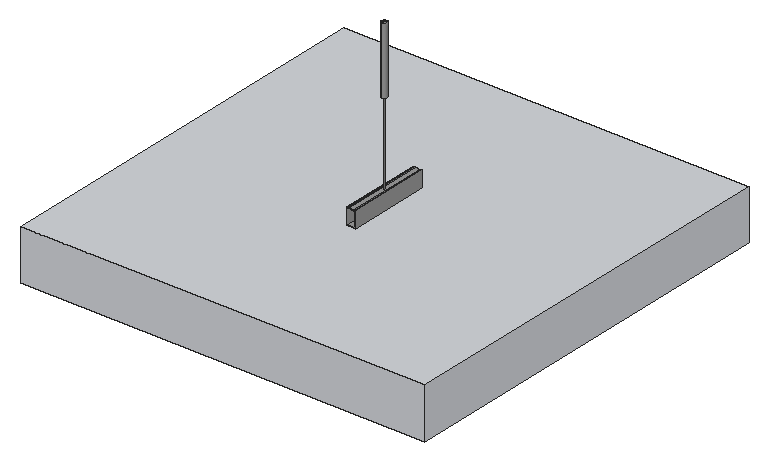
Revit family "LAMP_OCULT SYSTEM PENDULAR (DALI)", category Luminarias, Revit 2015
Parameters (values of type "331LM 3000 FLOOD BLACK")
  Weight = 0.826 kg
  UGR = ""
  Type = "HIGH POWER CREE"
  Suspension mod. luz [instance] = if(Suspension height < 100 mm, 520 mm, if(Suspension height > 2000 mm, 2420 mm, Suspension height + 420 mm))  # 920 mm
  Suspension height [instance] = 500 mm
  Surface profile [instance] = not(Recessed profile)  # yes
  Recessed profile [instance] = no
  Protection rating = "IP20"
  Product datasheet = "http://www.lamp.es/product-files/TECH/OS1PV05FL830DBB-EN.pdf"
  Product code = "OS1PV05FL830DBB"
  Product URL = "https://www.lamp.es/en/family/ocult-system_367581"
  Power Supply = "220-240V 50/60Hz"
  Power = 4 W
  Plum = 6 W
  Photometric web file = Modelo pendular : 331LM 3000 FLOOD BLACK
  Modelo = Product code  # "OS1PV05FL830DBB"
  Model explanation = "Availability of changing profile version and height when placed in project."
  Material suspension = Panel de metal
  Material perfil = LAMP_Aluminio Ocult Pendular NG
  Manufacturer name = "LAMP"
  Manufacturer country = "Spain"
  Manufacturer URL = "http://www.lamp.es/en"
  MacAdam = "3"
  Luminaire type = "Pendular downlight"
  Last update = "31/07/2019"
  Lamp = "HIGH POWER LED"
  LED Lifetime = "50.000 L90"
  Insulation class = "I"
  Installation instructions = "https://www.lamp.es/product-files/INS/1004460-B%20INSTR.OCULT%20SYSTEM%20PENDULAR.pdf"
  Initial intensity = 331 lm
  Initial color = 3000 K
  IEE = "A+"
  Height = 400 mm
  Gear = "Adjustable DALI"
  Finish = "Texturised black RAL 9011"
  Fabricante = Manufacturer name  # "LAMP"
  Default Elevation = 1219.2 mm
  Profile suspension height [instance] = 1 mm
  Efficacy = 55.2 lm/W
  Diameter = 35 mm
  Descripción = "OCULT SYS. PEND.VERT. 500 WW FL DA BK/BK"
  Comentarios de tipo = Model explanation  # "Availability of changing profile version and height when placed in project."
  CRI = "80"
  Altura módulo luz [instance] = if(Surface profile, Profile suspension height + 94.5 mm, 0 mm)  # 95.5 mm
Types (8, lengths in mm): name | Product datasheet | Product code | Photometric web file | Modelo | Material perfil | Initial intensity | Initial color | Finish | Efficacy | Descripción
  331LM 3000 FLOOD BLACK | "http://www.lamp.es/product-files/TECH/OS1PV05FL830DBB-EN.pdf" | "OS1PV05FL830DBB" | Modelo pendular : 331LM 3000 FLOOD BLACK | "OS1PV05FL830DBB" | LAMP_Aluminio Ocult Pendular NG | 331 lm | 3000 K | "Texturised black RAL 9011" | 55.2 lm/W | "OCULT SYS. PEND.VERT. 500 WW FL DA BK/BK"
  331LM 3000 FLOOD WHITE | "http://www.lamp.es/product-files/TECH/OS1PV05FL830DBW-EN.pdf" | "OS1PV05FL830DBW" | Modelo pendular : 331LM 3000 FLOOD WHITE | "OS1PV05FL830DBW" | LAMP_Aluminio Ocult Pendular BL | 331 lm | 3000 K | "Texturised matt white" | 55.2 lm/W | "OCULT SYS. PEND.VERT. 500 WW FL DA BK/WH"
  349LM 4000 FLOOD BLACK | "http://www.lamp.es/product-files/TECH/OS1PV05FL840DBB-EN.pdf" | "OS1PV05FL840DBB" | Modelo pendular : 349LM 4000 FLOOD BLACK | "OS1PV05FL840DBB" | LAMP_Aluminio Ocult Pendular NG | 349 lm | 4000 K | "Texturised black RAL 9011" | 58.2 lm/W | "OCULT SYS. PEND.VERT. 500 NW FL DA BK/BK"
  349LM 4000 FLOOD WHITE | "http://www.lamp.es/product-files/TECH/OS1PV05FL840DBW-EN.pdf" | "OS1PV05FL840DBW" | Modelo pendular : 349LM 4000 FLOOD WHITE | "OS1PV05FL840DBW" | LAMP_Aluminio Ocult Pendular BL | 349 lm | 4000 K | "Texturised matt white" | 58.2 lm/W | "OCULT SYS. PEND.VERT. 500 NW FL DA BK/WH"
  414LM 3000 SPOT BLACK | "http://www.lamp.es/product-files/TECH/OS1PV05SP830DBB-EN.pdf" | "OS1PV05SP830DBB" | Modelo pendular : 414LM 3000 SPOT BLACK | "OS1PV05SP830DBB" | LAMP_Aluminio Ocult Pendular NG | 414 lm | 3000 K | "Texturised black RAL 9011" | 69 lm/W | "OCULT SYS. PEND.VERT. 500 WW SP DA BK/BK"
  414LM 3000 SPOT WHITE | "http://www.lamp.es/product-files/TECH/OS1PV05SP830DBW-EN.pdf" | "OS1PV05SP830DBW" | Modelo pendular : 414LM 3000 SPOT WHITE | "OS1PV05SP830DBW" | LAMP_Aluminio Ocult Pendular BL | 414 lm | 3000 K | "Texturised matt white" | 69 lm/W | "OCULT SYS. PEND.VERT. 500 WW SP DA BK/WH"
  443LM 4000 SPOT BLACK | "http://www.lamp.es/product-files/TECH/OS1PV05SP840DBB-EN.pdf" | "OS1PV05SP840DBB" | Modelo pendular : 443LM 4000 SPOT BLACK | "OS1PV05SP840DBB" | LAMP_Aluminio Ocult Pendular NG | 443 lm | 4000 K | "Texturised black RAL 9011" | 73.9 lm/W | "OCULT SYS. PEND.VERT. 500 NW SP DA BK/BK"
  443LM 4000 SPOT WHITE | "http://www.lamp.es/product-files/TECH/OS1PV05SP840DBW-EN.pdf" | "OS1PV05SP840DBW" | Modelo pendular : 443LM 4000 SPOT WHITE | "OS1PV05SP840DBW" | LAMP_Aluminio Ocult Pendular BL | 443 lm | 4000 K | "Texturised matt white" | 73.9 lm/W | "OCULT SYS. PEND.VERT. 500 NW SP DA BK/WH"
Reference planes
  plane 1 "Centro (Frontal/Posterior)": y = 0
  plane 2: z = 0
  plane 3 "Centro (Izquierda/Derecha)": x = 0
  plane 4: z = 1
Forms (mm)
  Extrusion 1, solid
    sketch origin (0, 0, 0) x (1, 0, 0) y (0, 1, 0)
      loop
        line (-1219.2, 1219.2) -> (-1219.2, -1219.2) -> (1219.2, -1219.2) -> (1219.2, 1219.2) -> (-1219.2, 1219.2)
    from 0 to -304.8
  Extrusion 2, solid, material "LAMP_Aluminio Ocult Pendular NG" <- "Material perfil", visible <- "Recessed profile"
    sketch origin (0, 0, 0) x (1, 0, 0) y (0, 0, 1)
      loop
        line (-32, 0) -> (-26.5, 0) -> (-26.5, -94.3) -> (0, -94.3) -> (26.5, -94.3) -> (26.5, 0) -> (32, 0) -> (32, 1.7) -> (17, 1.7) -> (17, 0) -> (24.8, 0) -> (24.8, -92.6) -> (0, -92.6) -> (-24.8, -92.6) -> (-24.8, 0) -> (-16.9, 0) -> (-16.9, 1.7) -> (-32, 1.7) -> (-32, 0)
    from -250 to 250
  Extrusion 3, solid, material "LAMP_Aluminio Ocult Pendular NG" <- "Material perfil", visible <- "Surface profile"
    sketch origin (0, 0, 0) x (1, 0, 0) y (0, 0, 1)
      loop
        line (-26.5, 1) -> (26.5, 1) -> (26.5, 97) -> (17, 97) -> (17, 95.3) -> (24.8, 95.3) -> (24.8, 2.7) -> (-24.8, 2.7) -> (-24.8, 95.3) -> (-16.9, 95.3) -> (-16.9, 97) -> (-26.5, 97) -> (-26.5, 1)
    from -250 to 250
  Revolve 4, solid, material "Panel de metal" <- "Material suspension", visible <- "Surface profile"
    sketch origin (0, 0, 0) x (1, 0, 0) y (0, 0, 1)
      loop
        line (0, 1) -> (0, 0) -> (2.5, 0) -> (2.5, 1) -> (0, 1)
      axis (0, 1) -> (0, 0)
    angle from 0 to 360
Text (mm)
  text "Any modification of the parameters and properties of the LAMP BIM models must be executed and validated by the LAMP technical department.\n\nPhone: +34 93 736 68 00\n\nE-mail: lamp@lamp.es\n\n\n\nLAMP reserves the right to modify the technical specifications of its products." at (13412.226, -16933.167, -15401.008), in view "Preview"
Dimensions and locks
  "Profile suspension height": plane 4 to Extrusion 1
  "Altura módulo luz": nested 1 to Extrusion 1
  aligned and locked: plane 2 to Extrusion 1
  aligned and locked: level to Extrusion 1
  aligned and locked: Extrusion 1 to Revolve 4 sketch curve
  aligned and locked: plane 4 to Revolve 4
  aligned and locked: Extrusion 3 sketch curve to plane 4
Automatic sketch dimensions
  Extrusion 1 sketch curve to Extrusion 1 sketch curve = 2438.4 mm  (x2)
  Revolve 4 sketch curve to plane 3 "Centro (Izquierda/Derecha)" = 0 mm  (x2)
  Revolve 4 sketch curve to plane 4 = 0 mm
  plane 3 "Centro (Izquierda/Derecha)" to Revolve 4 sketch curve = 2.5 mm
  Revolve 4 sketch curve to level = 609.6 mm
  Revolve 4 sketch curve to Revolve 4 sketch curve = 2555.127 mm
  Extrusion 3 sketch curve to plane 3 "Centro (Izquierda/Derecha)" = 26.5 mm
  Extrusion 3 sketch curve to Extrusion 3 sketch curve = 1.7 mm  (x4)
  Extrusion 3 sketch curve to Extrusion 3 sketch curve = 7.9 mm
  plane 3 "Centro (Izquierda/Derecha)" to Extrusion 3 sketch curve = 17 mm
  Extrusion 3 sketch curve to Extrusion 3 sketch curve = 7.8 mm
  plane 4 to Extrusion 3 sketch curve = 1.7 mm
  Extrusion 3 sketch curve to Extrusion 3 sketch curve = 92.6 mm
  Extrusion 3 sketch curve to Extrusion 3 sketch curve = 0 mm
  Extrusion 2 sketch curve to level = 0 mm  (x4)
  Extrusion 2 sketch curve to plane 3 "Centro (Izquierda/Derecha)" = 0 mm  (x2)
  Extrusion 2 sketch curve to plane 3 "Centro (Izquierda/Derecha)" = 16.9 mm
  Extrusion 2 sketch curve to Extrusion 2 sketch curve = 7.9 mm
  Extrusion 2 sketch curve to Extrusion 2 sketch curve = 1.7 mm  (x3)
  Extrusion 2 sketch curve to Extrusion 2 sketch curve = 5.5 mm  (x2)
  plane 3 "Centro (Izquierda/Derecha)" to Extrusion 2 sketch curve = 24.8 mm
  level to Extrusion 2 sketch curve = 1.7 mm  (x2)
  Extrusion 2 sketch curve to level = 92.6 mm
  Extrusion 2 sketch curve to Extrusion 2 sketch curve = 7.8 mm
Nested families
  nested 1: "Modelo pendular" at (0, 0, 2517) x (0, -1, 0) z (0, 0, -1), Distancia suspensión <- "Suspension mod. luz", type <- "Photometric web file", type "331LM 3000 FLOOD BLACK"
    with Distancia suspensión 920 mm
Connectors
  electrical at (0, 0, 1)
    settings: on Extrusion 3, index 1, voltage 230 V, apparent load 0 VA, apparent load phase1 0 VA, apparent load phase2 0 VA, apparent load phase3 0 VA, power factor 1, load classification "Otro", number of poles 1, system type 31, power factor state 1, is connector primary yes, connector utility no, sub classification motor no, connector description ""
Definition of nested family "Modelo pendular"
  Parameters (values of type "331LM 3000 FLOOD BLACK")
    Tilt Angle = 90.00°
    Wattage = 6 W
    built-in parameter 1150110 = 1 (stored number, unit not read)
    Material suspension = none
    Material cuerpo = none
    Material cristal = none
    Material COB = none
    built-in parameter 1114217 = 1 (stored number, unit not read)
    built-in parameter 1150109 = 1 (stored number, unit not read)
    Default Elevation = 1219.2 mm
    Distancia suspensión [instance] = 700 mm
    built-in parameter 1150134 = (empty or 0)
    built-in parameter 1150113 = 1 (stored number, unit not read)
    Lumens = 331.2 lm
    built-in parameter 1150115 = 1 (stored number, unit not read)
    built-in parameter 1150105 = 676.65 (stored number, unit not read)
    built-in parameter 1150137 = (empty or 0)
    built-in parameter 1150139 = (empty or 0)
    built-in parameter 1150112 = 1 (stored number, unit not read)
    built-in parameter 1150114 = 1 (stored number, unit not read)
    built-in parameter 1150132 = 2
    built-in parameter 1150102 = (empty or 0)
    built-in parameter 1150138 = (empty or 0)
    built-in parameter 1150107 = 3000 (stored number, unit not read)
    built-in parameter 1150106 = 6.7665 (stored number, unit not read)
    built-in parameter 1150104 = 5.1282 (stored number, unit not read)
    Dimming Lamp Color Temperature Shift = (empty or 0)
    Color Filter = 16777215
    built-in parameter 1114218 = 1 (stored number, unit not read)
    Photometric Web File = "OS1PV05FL830NBB.IES"
    built-in parameter 1150133 = 10 (stored number, unit not read)
  Types (9, lengths in mm): name | built-in parameter 1150134 | Lumens | built-in parameter 1150105 | built-in parameter 1150107 | built-in parameter 1150106 | built-in parameter 1150104 | Photometric Web File
    (no name) | (empty or 0) | 331.2 lm | 676.65 (stored number, unit not read) | 3000 (stored number, unit not read) | 6.7665 (stored number, unit not read) | 5.1282 (stored number, unit not read) | "OS1PV05FL830NBB.IES"
    331LM 3000 FLOOD BLACK | (empty or 0) | 331.2 lm | 676.65 (stored number, unit not read) | 3000 (stored number, unit not read) | 6.7665 (stored number, unit not read) | 5.1282 (stored number, unit not read) | "OS1PV05FL830NBB.IES"
    331LM 3000 FLOOD WHITE | (empty or 0) | 331.2 lm | 676.65 (stored number, unit not read) | 3000 (stored number, unit not read) | 6.7665 (stored number, unit not read) | 5.1282 (stored number, unit not read) | "OS1PV05FL830NBW.IES"
    349LM 4000 FLOOD BLACK | 12 | 349.2 lm | 713.42 (stored number, unit not read) | 4000 (stored number, unit not read) | 7.1342 (stored number, unit not read) | 5.407 (stored number, unit not read) | "OS1PV05FL840NBB.IES"
    349LM 4000 FLOOD WHITE | 12 | 349.2 lm | 713.42 (stored number, unit not read) | 4000 (stored number, unit not read) | 7.1342 (stored number, unit not read) | 5.407 (stored number, unit not read) | "OS1PV05FL840NBW.IES"
    414LM 3000 SPOT BLACK | (empty or 0) | 414 lm | 845.82 (stored number, unit not read) | 3000 (stored number, unit not read) | 8.4582 (stored number, unit not read) | 6.4103 (stored number, unit not read) | "OS1PV05SP830NBB.IES"
    414LM 3000 SPOT WHITE | (empty or 0) | 414 lm | 845.82 (stored number, unit not read) | 3000 (stored number, unit not read) | 8.4582 (stored number, unit not read) | 6.4103 (stored number, unit not read) | "OS1PV05SP830NBW.IES"
    443LM 4000 SPOT BLACK | 12 | 443.4 lm | 3288.2 (stored number, unit not read) | 4000 (stored number, unit not read) | 32.882 (stored number, unit not read) | 6.8655 (stored number, unit not read) | "OS1PV05SP840NBB.IES"
    443LM 4000 SPOT WHITE | 12 | 443.4 lm | 3288.2 (stored number, unit not read) | 4000 (stored number, unit not read) | 32.882 (stored number, unit not read) | 6.8655 (stored number, unit not read) | "OS1PV05SP840NBW.IES"
  Reference planes
    plane 1 "Eje de origen de luz (F/P)": y = 0
    plane 2: z = 0
    plane 3 "Eje de origen de luz (I/D)": x = 0
    plane 4 "Elevación de origen de luz": z = 1500
    plane 5: z = 2200
  Forms (mm)
    Revolve 1, solid, material <- "Material cuerpo"
      sketch origin (0, 0, 0) x (1, 0, 0) y (0, 0, 1)
        loop
          line (14.8, 1520) -> (17.5, 1520) -> (17.5, 1920) -> (0, 1920) -> (0, 1535.9) -> (10, 1535.9) -> (10.8, 1523.7) -> (11.85, 1523.7) -> (11.85, 1525) -> (12.95, 1525) -> (14.8, 1520)
        axis (0, 1920) -> (0, 1520)
      angle from 0 to 360
    Revolve 2, void
      sketch origin (0, 0, 0) x (1, 0, 0) y (0, 0, 1)
        loop
          line (0, 1535.9) -> (10, 1535.9) -> (10, 1538.9) -> (0, 1538.9) -> (0, 1535.9)
        axis (0, 1538.9) -> (0, 1535.9)
      angle from 0 to 360
    Revolve 3, solid, material <- "Material cristal"
      sketch origin (0, 0, 0) x (1, 0, 0) y (0, 0, 1)
        loop
          line (0, 1535.9) -> (10, 1535.9) -> (10, 1536.9) -> (0, 1536.9) -> (0, 1535.9)
        axis (0, 1536.9) -> (0, 1535.9)
      angle from 0 to 360
    Revolve 4, solid, material <- "Material COB"
      sketch origin (0, 0, 0) x (1, 0, 0) y (0, 0, 1)
        loop
          line (0, 1536.9) -> (5, 1536.9) -> (5, 1537.9) -> (0, 1537.9) -> (0, 1536.9)
        axis (0, 1537.9) -> (0, 1536.9)
      angle from 0 to 360
    Revolve 5, solid, material <- "Material suspension"
      sketch origin (0, 0, 0) x (1, 0, 0) y (0, 0, 1)
        loop
          line (0, 1920) -> (2.5, 1920) -> (2.5, 2200) -> (0, 2200) -> (0, 1920)
        axis (0, 2200) -> (0, 1920)
      angle from 0 to 360
    Extrusion 6, solid, material <- "Material cuerpo"
      sketch origin (0, 0, 165) x (1, 0, 0) y (0, 0, 1)
        loop
          line (250, 2035) -> (250, 2036.5) -> (-250, 2036.5) -> (-250, 2035) -> (250, 2035)
      from -16.9 to 17
  Cuts and joins
    Revolve 2 cuts Revolve 1
  Dimensions and locks
    locked: Revolve 1 sketch curve to Revolve 1 sketch curve at 400
    "Distancia suspensión": plane 5 to plane 4 "Elevación de origen de luz"
    aligned and locked: plane 3 "Eje de origen de luz (I/D)" to imposter light
    aligned and locked: plane 1 "Eje de origen de luz (F/P)" to imposter light
    aligned and locked: plane 4 "Elevación de origen de luz" to imposter light
    aligned and locked: level to plane 2
    aligned and locked: Revolve 3 to Revolve 3
    aligned and locked: Revolve 3 to Revolve 4
    aligned and locked: cut or joined group of Revolve 1, Revolve 2 to Revolve 5
    aligned and locked: plane 5 to Revolve 5
    aligned and locked: Extrusion 6 sketch curve to plane 5
  Automatic sketch dimensions
    Revolve 1 sketch curve to plane 3 "Eje de origen de luz (I/D)" = 0 mm  (x2)
    plane 3 "Eje de origen de luz (I/D)" to Revolve 1 sketch curve = 10 mm
    plane 3 "Eje de origen de luz (I/D)" to Revolve 1 sketch curve = 10.8 mm
    Revolve 1 sketch curve to Revolve 1 sketch curve = 1.05 mm
    Revolve 1 sketch curve to Revolve 1 sketch curve = 1.1 mm
    Revolve 1 sketch curve to Revolve 1 sketch curve = 2.95 mm
    Revolve 1 sketch curve to Revolve 1 sketch curve = 2.7 mm
    Revolve 1 sketch curve to plane 4 "Elevación de origen de luz" = 20 mm
    Revolve 1 sketch curve to Revolve 1 sketch curve = 3.7 mm
    Revolve 1 sketch curve to Revolve 1 sketch curve = 1.3 mm
    Revolve 1 sketch curve to Revolve 1 sketch curve = 10.9 mm
    Revolve 1 sketch curve to level = 271.696 mm
    Revolve 1 sketch curve to Revolve 1 sketch curve = 166.726 mm
    Revolve 2 sketch curve to plane 3 "Eje de origen de luz (I/D)" = 0 mm  (x2)
    plane 3 "Eje de origen de luz (I/D)" to Revolve 2 sketch curve = 10 mm
    Revolve 2 sketch curve to plane 4 "Elevación de origen de luz" = 35.9 mm
    Revolve 2 sketch curve to Revolve 2 sketch curve = 3 mm
    Revolve 2 sketch curve to level = 271.696 mm
    Revolve 2 sketch curve to Revolve 2 sketch curve = 163.726 mm
    Revolve 3 sketch curve to plane 3 "Eje de origen de luz (I/D)" = 0 mm  (x2)
    plane 3 "Eje de origen de luz (I/D)" to Revolve 3 sketch curve = 10 mm
    Revolve 3 sketch curve to plane 4 "Elevación de origen de luz" = 35.9 mm
    Revolve 3 sketch curve to Revolve 3 sketch curve = 1 mm
    Revolve 3 sketch curve to level = 271.696 mm
    Revolve 3 sketch curve to Revolve 3 sketch curve = 165.726 mm
    Revolve 4 sketch curve to plane 3 "Eje de origen de luz (I/D)" = 0 mm  (x2)
    plane 3 "Eje de origen de luz (I/D)" to Revolve 4 sketch curve = 5 mm
    Revolve 4 sketch curve to plane 4 "Elevación de origen de luz" = 36.9 mm
    Revolve 4 sketch curve to Revolve 4 sketch curve = 1 mm
    Revolve 4 sketch curve to level = 271.696 mm
    Revolve 4 sketch curve to Revolve 4 sketch curve = 164.726 mm
    Revolve 5 sketch curve to plane 3 "Eje de origen de luz (I/D)" = 0 mm  (x2)
    Revolve 5 sketch curve to plane 5 = 0 mm
    plane 3 "Eje de origen de luz (I/D)" to Revolve 5 sketch curve = 2.5 mm
    Revolve 5 sketch curve to plane 5 = 280 mm
    Revolve 5 sketch curve to plane 4 "Elevación de origen de luz" = 202.626 mm
    Revolve 5 sketch curve to level = 271.696 mm
    plane 5 to Extrusion 6 sketch curve = 1.5 mm
    Extrusion 6 sketch curve to plane 3 "Eje de origen de luz (I/D)" = 250 mm
    plane 3 "Eje de origen de luz (I/D)" to Extrusion 6 sketch curve = 250 mm
